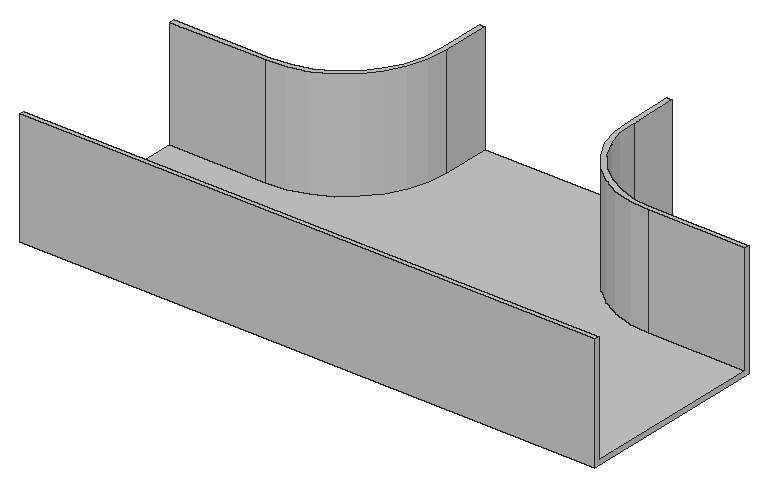
Revit family "S4R_OBO BETTERMANN_CableTray_Tee_RT FT", category Cable Tray Fittings, Revit 2012
Parameters
  Wholesaler art.no. = ""
  Wholesaler = ""
  Watermarked By = "www.stabiplan.com"
  WIDTH3 [instance] = 100 mm
  WIDTH1 [instance] = 100 mm
  VERSION = "91900"  # constant formula
  URL = "www.stabiplan.com"
  built-in parameter 1140111 [instance] = 2.6 mm
  TYPE [instance] = "RT FT"  # constant formula
  StabiCAD_PM = ""
  Smallest_L1_L2 [instance] = if(LENGTH1 - WIDTH3 / 2 > LENGTH2 - WIDTH3 / 2, LENGTH2 - WIDTH3 / 2, LENGTH1 - WIDTH3 / 2)  # 100 mm
  SmallestLength [instance] = if(LENGTH3 - WIDTH1 / 2 > Smallest_L1_L2, Smallest_L1_L2, LENGTH3 - WIDTH1 / 2)  # 75 mm
  RadiusWithThickness [instance] = Radius + [built-in parameter 1140111]  # 52.6 mm
  Radius [instance] = 50 mm  # constant formula
  PRODUCTLINE [instance] = "OBO BETTERMANN"  # constant formula
  Manufacturer = "OBO BETTERMANN CableTrays"  # constant formula
  LENGTH3 [instance] = if(and(WIDTH1 = 100 mm, HEIGHT1 = 60 mm, WIDTH3 = 100 mm, ANGLE2 = 90.00°), 125 mm, if(and(WIDTH1 = 150 mm, HEIGHT1 = 60 mm, WIDTH3 = 150 mm, ANGLE2 = 90.00°), 150 mm, if(and(WIDTH1 = 200 mm, HEIGHT1 = 60 mm, WIDTH3 = 200 mm, ANGLE2 = 90.00°), 175 mm, if(and(WIDTH1 = 300 mm, HEIGHT1 = 60 mm, WIDTH3 = 300 mm, ANGLE2 = 90.00°), 225 mm, if(and(WIDTH1 = 400 mm, HEIGHT1 = 60 mm, WIDTH3 = 400 mm, ANGLE2 = 90.00°), 455 mm, if(and(WIDTH1 = 500 mm, HEIGHT1 = 60 mm, WIDTH3 = 500 mm, ANGLE2 = 90.00°), 505 mm, if(and(WIDTH1 = 600 mm, HEIGHT1 = 60 mm, WIDTH3 = 600 mm, ANGLE2 = 90.00°), 555 mm, if(and(WIDTH1 = 100 mm, HEIGHT1 = 110 mm, WIDTH3 = 100 mm, ANGLE2 = 90.00°), 125 mm, if(and(WIDTH1 = 200 mm, HEIGHT1 = 110 mm, WIDTH3 = 200 mm, ANGLE2 = 90.00°), 175 mm, if(and(WIDTH1 = 300 mm, HEIGHT1 = 110 mm, WIDTH3 = 300 mm, ANGLE2 = 90.00°), 225 mm, if(and(WIDTH1 = 400 mm, HEIGHT1 = 110 mm, WIDTH3 = 400 mm, ANGLE2 = 90.00°), 455 mm, if(and(WIDTH1 = 500 mm, HEIGHT1 = 110 mm, WIDTH3 = 500 mm, ANGLE2 = 90.00°), 505 mm, if(and(WIDTH1 = 550 mm, HEIGHT1 = 110 mm, WIDTH3 = 550 mm, ANGLE2 = 90.00°), 530 mm, WIDTH3 * 1.5)))))))))))))  # 125 mm
  LENGTH2 [instance] = if(and(WIDTH1 = 100 mm, HEIGHT1 = 60 mm, WIDTH3 = 100 mm, ANGLE2 = 90.00°), 150 mm, if(and(WIDTH1 = 150 mm, HEIGHT1 = 60 mm, WIDTH3 = 150 mm, ANGLE2 = 90.00°), 175 mm, if(and(WIDTH1 = 200 mm, HEIGHT1 = 60 mm, WIDTH3 = 200 mm, ANGLE2 = 90.00°), 200 mm, if(and(WIDTH1 = 300 mm, HEIGHT1 = 60 mm, WIDTH3 = 300 mm, ANGLE2 = 90.00°), 250 mm, if(and(WIDTH1 = 400 mm, HEIGHT1 = 60 mm, WIDTH3 = 400 mm, ANGLE2 = 90.00°), 455 mm, if(and(WIDTH1 = 500 mm, HEIGHT1 = 60 mm, WIDTH3 = 500 mm, ANGLE2 = 90.00°), 505 mm, if(and(WIDTH1 = 600 mm, HEIGHT1 = 60 mm, WIDTH3 = 600 mm, ANGLE2 = 90.00°), 555 mm, if(and(WIDTH1 = 100 mm, HEIGHT1 = 110 mm, WIDTH3 = 100 mm, ANGLE2 = 90.00°), 150 mm, if(and(WIDTH1 = 200 mm, HEIGHT1 = 110 mm, WIDTH3 = 200 mm, ANGLE2 = 90.00°), 200 mm, if(and(WIDTH1 = 300 mm, HEIGHT1 = 110 mm, WIDTH3 = 300 mm, ANGLE2 = 90.00°), 250 mm, if(and(WIDTH1 = 400 mm, HEIGHT1 = 110 mm, WIDTH3 = 400 mm, ANGLE2 = 90.00°), 455 mm, if(and(WIDTH1 = 500 mm, HEIGHT1 = 110 mm, WIDTH3 = 500 mm, ANGLE2 = 90.00°), 505 mm, if(and(WIDTH1 = 550 mm, HEIGHT1 = 110 mm, WIDTH3 = 550 mm, ANGLE2 = 90.00°), 530 mm, WIDTH1 * 1.5)))))))))))))  # 150 mm
  LENGTH1 [instance] = if(and(WIDTH1 = 100 mm, HEIGHT1 = 60 mm, WIDTH3 = 100 mm, ANGLE2 = 90.00°), 150 mm, if(and(WIDTH1 = 150 mm, HEIGHT1 = 60 mm, WIDTH3 = 150 mm, ANGLE2 = 90.00°), 175 mm, if(and(WIDTH1 = 200 mm, HEIGHT1 = 60 mm, WIDTH3 = 200 mm, ANGLE2 = 90.00°), 200 mm, if(and(WIDTH1 = 300 mm, HEIGHT1 = 60 mm, WIDTH3 = 300 mm, ANGLE2 = 90.00°), 250 mm, if(and(WIDTH1 = 400 mm, HEIGHT1 = 60 mm, WIDTH3 = 400 mm, ANGLE2 = 90.00°), 455 mm, if(and(WIDTH1 = 500 mm, HEIGHT1 = 60 mm, WIDTH3 = 500 mm, ANGLE2 = 90.00°), 505 mm, if(and(WIDTH1 = 600 mm, HEIGHT1 = 60 mm, WIDTH3 = 600 mm, ANGLE2 = 90.00°), 555 mm, if(and(WIDTH1 = 100 mm, HEIGHT1 = 110 mm, WIDTH3 = 100 mm, ANGLE2 = 90.00°), 150 mm, if(and(WIDTH1 = 200 mm, HEIGHT1 = 110 mm, WIDTH3 = 200 mm, ANGLE2 = 90.00°), 200 mm, if(and(WIDTH1 = 300 mm, HEIGHT1 = 110 mm, WIDTH3 = 300 mm, ANGLE2 = 90.00°), 250 mm, if(and(WIDTH1 = 400 mm, HEIGHT1 = 110 mm, WIDTH3 = 400 mm, ANGLE2 = 90.00°), 455 mm, if(and(WIDTH1 = 500 mm, HEIGHT1 = 110 mm, WIDTH3 = 500 mm, ANGLE2 = 90.00°), 505 mm, if(and(WIDTH1 = 550 mm, HEIGHT1 = 110 mm, WIDTH3 = 550 mm, ANGLE2 = 90.00°), 530 mm, WIDTH1 * 1.5)))))))))))))  # 150 mm
  Internal art.no. = ""
  ISCUSTOM [instance] = if(and(WIDTH1 = 100 mm, HEIGHT1 = 60 mm, WIDTH3 = 100 mm, ANGLE2 = 90.00°), 1 = 0, if(and(WIDTH1 = 150 mm, HEIGHT1 = 60 mm, WIDTH3 = 150 mm, ANGLE2 = 90.00°), 1 = 0, if(and(WIDTH1 = 200 mm, HEIGHT1 = 60 mm, WIDTH3 = 200 mm, ANGLE2 = 90.00°), 1 = 0, if(and(WIDTH1 = 300 mm, HEIGHT1 = 60 mm, WIDTH3 = 300 mm, ANGLE2 = 90.00°), 1 = 0, if(and(WIDTH1 = 400 mm, HEIGHT1 = 60 mm, WIDTH3 = 400 mm, ANGLE2 = 90.00°), 1 = 0, if(and(WIDTH1 = 500 mm, HEIGHT1 = 60 mm, WIDTH3 = 500 mm, ANGLE2 = 90.00°), 1 = 0, if(and(WIDTH1 = 600 mm, HEIGHT1 = 60 mm, WIDTH3 = 600 mm, ANGLE2 = 90.00°), 1 = 0, if(and(WIDTH1 = 100 mm, HEIGHT1 = 110 mm, WIDTH3 = 100 mm, ANGLE2 = 90.00°), 1 = 0, if(and(WIDTH1 = 200 mm, HEIGHT1 = 110 mm, WIDTH3 = 200 mm, ANGLE2 = 90.00°), 1 = 0, if(and(WIDTH1 = 300 mm, HEIGHT1 = 110 mm, WIDTH3 = 300 mm, ANGLE2 = 90.00°), 1 = 0, if(and(WIDTH1 = 400 mm, HEIGHT1 = 110 mm, WIDTH3 = 400 mm, ANGLE2 = 90.00°), 1 = 0, if(and(WIDTH1 = 500 mm, HEIGHT1 = 110 mm, WIDTH3 = 500 mm, ANGLE2 = 90.00°), 1 = 0, if(and(WIDTH1 = 550 mm, HEIGHT1 = 110 mm, WIDTH3 = 550 mm, ANGLE2 = 90.00°), 1 = 0, 1 = 1)))))))))))))  # no
  IFCExportType = ""
  IFCExportAs = ""
  HEIGHT1 [instance] = 60 mm
  GTINNUMBER [instance] = if(and(WIDTH1 = 100 mm, HEIGHT1 = 60 mm, WIDTH3 = 100 mm, ANGLE2 = 90.00°), "4012196812356", if(and(WIDTH1 = 150 mm, HEIGHT1 = 60 mm, WIDTH3 = 150 mm, ANGLE2 = 90.00°), "4012196901692", if(and(WIDTH1 = 200 mm, HEIGHT1 = 60 mm, WIDTH3 = 200 mm, ANGLE2 = 90.00°), "4012196812417", if(and(WIDTH1 = 300 mm, HEIGHT1 = 60 mm, WIDTH3 = 300 mm, ANGLE2 = 90.00°), "4012196812479", if(and(WIDTH1 = 400 mm, HEIGHT1 = 60 mm, WIDTH3 = 400 mm, ANGLE2 = 90.00°), "4012196245055", if(and(WIDTH1 = 500 mm, HEIGHT1 = 60 mm, WIDTH3 = 500 mm, ANGLE2 = 90.00°), "4012196245116", if(and(WIDTH1 = 600 mm, HEIGHT1 = 60 mm, WIDTH3 = 600 mm, ANGLE2 = 90.00°), "4012196245178", if(and(WIDTH1 = 100 mm, HEIGHT1 = 110 mm, WIDTH3 = 100 mm, ANGLE2 = 90.00°), "4012196812714", if(and(WIDTH1 = 200 mm, HEIGHT1 = 110 mm, WIDTH3 = 200 mm, ANGLE2 = 90.00°), "4012196812776", if(and(WIDTH1 = 300 mm, HEIGHT1 = 110 mm, WIDTH3 = 300 mm, ANGLE2 = 90.00°), "4012196812837", if(and(WIDTH1 = 400 mm, HEIGHT1 = 110 mm, WIDTH3 = 400 mm, ANGLE2 = 90.00°), "4012196245772", if(and(WIDTH1 = 500 mm, HEIGHT1 = 110 mm, WIDTH3 = 500 mm, ANGLE2 = 90.00°), "4012196245833", if(and(WIDTH1 = 550 mm, HEIGHT1 = 110 mm, WIDTH3 = 550 mm, ANGLE2 = 90.00°), "4012196245895", "Unknown")))))))))))))  # "4012196812356"
  ETIM article class = ""
  Description = "Horizontal CableTray Tee"
  DEEPLINK = "http://catalog2.obo-bettermann.com/catalogue/catalogue.do?forward=showProductGroup&act=showIO&favOid=kts_6152&action=showManyProducts&lang=en&OID=kts_6152&catId="
  Copyright = "© Stabiplan BV / Stabiplan International BV"  # constant formula
  CT3 [instance] = 1
  CT2 [instance] = 1
  CT1 [instance] = 1
  BodyColor = Steel
  Assembly Code = ""
  ARTICLENUMBER [instance] = if(and(WIDTH1 = 100 mm, HEIGHT1 = 60 mm, WIDTH3 = 100 mm, ANGLE2 = 90.00°), "7117116", if(and(WIDTH1 = 150 mm, HEIGHT1 = 60 mm, WIDTH3 = 150 mm, ANGLE2 = 90.00°), "7117162", if(and(WIDTH1 = 200 mm, HEIGHT1 = 60 mm, WIDTH3 = 200 mm, ANGLE2 = 90.00°), "7117209", if(and(WIDTH1 = 300 mm, HEIGHT1 = 60 mm, WIDTH3 = 300 mm, ANGLE2 = 90.00°), "7117306", if(and(WIDTH1 = 400 mm, HEIGHT1 = 60 mm, WIDTH3 = 400 mm, ANGLE2 = 90.00°), "7117396", if(and(WIDTH1 = 500 mm, HEIGHT1 = 60 mm, WIDTH3 = 500 mm, ANGLE2 = 90.00°), "7117507", if(and(WIDTH1 = 600 mm, HEIGHT1 = 60 mm, WIDTH3 = 600 mm, ANGLE2 = 90.00°), "7117604", if(and(WIDTH1 = 100 mm, HEIGHT1 = 110 mm, WIDTH3 = 100 mm, ANGLE2 = 90.00°), "7119119", if(and(WIDTH1 = 200 mm, HEIGHT1 = 110 mm, WIDTH3 = 200 mm, ANGLE2 = 90.00°), "7119216", if(and(WIDTH1 = 300 mm, HEIGHT1 = 110 mm, WIDTH3 = 300 mm, ANGLE2 = 90.00°), "7119313", if(and(WIDTH1 = 400 mm, HEIGHT1 = 110 mm, WIDTH3 = 400 mm, ANGLE2 = 90.00°), "7119402", if(and(WIDTH1 = 500 mm, HEIGHT1 = 110 mm, WIDTH3 = 500 mm, ANGLE2 = 90.00°), "7119496", if(and(WIDTH1 = 550 mm, HEIGHT1 = 110 mm, WIDTH3 = 550 mm, ANGLE2 = 90.00°), "7119550", "Unknown")))))))))))))  # "7117116"
  ARTICLEDESCRIPTION [instance] = "Horizontal CableTray Tee"
  ANGLE2 [instance] = 90.00°  # constant formula
Reference planes
  plane 1 "Center (Front/Back)": y = 0
  plane 2: z = 0
  plane 3 "Center (Left/Right)": x = 0
  plane 4: y = 50
  plane 5: y = -50
  plane 6: z = 30
  plane 7: z = -30
  plane 8: x = -50
  plane 9: x = 50
  plane 10: x = -100
  plane 11: x = 100
  plane 12: y = -47.4
  plane 13: y = 47.4
  plane 14: x = -47.4
  plane 15: x = 47.4
  plane 16: x = -150
  plane 17: x = 150
  plane 18: z = -27.4
  plane 19: y = 100
  plane 20: y = 125
Forms (mm)
  Extrusion 1, solid, material "Steel" <- "BodyColor", detail levels fine
    sketch origin (0, 0, 0) x (1, 0, 0) y (0, 1, 0)
      loop
        line (-150, -47.4) -> (-150, -50) -> (150, -50) -> (150, -47.4) -> (-150, -47.4)
      loop
        line (-150, 47.4) -> (-100, 47.4)
        arc (-100, 47.4) -> (-62.806, 62.806) -> (-47.4, 100) r 52.6
        line (-47.4, 100) -> (-47.4, 125) -> (-50, 125) -> (-50, 100)
        arc (-50, 100) -> (-64.645, 64.645) -> (-100, 50) r 50
        line (-100, 50) -> (-150, 50) -> (-150, 47.4)
      loop
        line (150, 50) -> (100, 50)
        arc (100, 50) -> (64.645, 64.645) -> (50, 100) r 50
        line (50, 100) -> (50, 125) -> (47.4, 125) -> (47.4, 100)
        arc (47.4, 100) -> (62.806, 62.806) -> (100, 47.4) r 52.6
        line (100, 47.4) -> (150, 47.4) -> (150, 50)
    from -30 to 30
  Extrusion 2, solid, material "Steel" <- "BodyColor", detail levels fine
    sketch origin (0, 0, 0) x (1, 0, 0) y (0, 1, 0)
      loop
        line (-150, 50) -> (-150, -50) -> (150, -50) -> (150, 50) -> (100, 50)
        arc (100, 50) -> (64.645, 64.645) -> (50, 100) r 50
        line (50, 100) -> (50, 125) -> (-50, 125) -> (-50, 100)
        arc (-50, 100) -> (-64.645, 64.645) -> (-100, 50) r 50
        line (-100, 50) -> (-150, 50)
    from -30 to -27.4
  Extrusion 3, solid, material "Steel" <- "BodyColor", detail levels medium
    sketch origin (0, 0, 0) x (1, 0, 0) y (0, 1, 0)
      loop
        line (-150, 50) -> (-150, -50) -> (150, -50) -> (150, 50) -> (100, 50)
        arc (100, 50) -> (64.645, 64.645) -> (50, 100) r 50
        line (50, 100) -> (50, 125) -> (-50, 125) -> (-50, 100)
        arc (-50, 100) -> (-64.645, 64.645) -> (-100, 50) r 50
        line (-100, 50) -> (-150, 50)
    from -30 to 30
Cuts and joins
  joined: Extrusion 1, Extrusion 2
Lines and regions (mm)
  model lines, style "Coarse", detail levels coarse
    curve 1: line (-150, 0, 0) -> (150, 0, 0)
    curve 2: line (0, 0, 0) -> (0, 125, 0)
Dimensions and locks
  equal spacing: plane 4, plane 1 "Center (Front/Back)", plane 5
  "WIDTH1": plane 4 to plane 5
  equal spacing: plane 6, plane 2, plane 7
  "HEIGHT1": plane 6 to plane 7
  equal spacing: plane 8, plane 3 "Center (Left/Right)", plane 9
  "WIDTH3": plane 8 to plane 9
  "Radius": plane 9 to plane 11
  "built-in parameter 1140111": plane 12 to plane 5
  "built-in parameter 1140111": plane 4 to plane 13
  "built-in parameter 1140111": plane 8 to plane 14
  "built-in parameter 1140111": plane 15 to plane 9
  "built-in parameter 1140111": plane 18 to plane 7
  "LENGTH1": plane 16 to plane 3 "Center (Left/Right)"
  "LENGTH2": plane 3 "Center (Left/Right)" to plane 17
  "LENGTH3": plane 1 "Center (Front/Back)" to plane 20
  "Radius": plane 10 to plane 8
  "Radius": plane 19 to plane 4
  "Radius": radius of Extrusion 3 sketch curve  (x2)
  "Radius": radius of Extrusion 2 sketch curve  (x2)
  "Radius": radius of Extrusion 1 sketch curve  (x2)
  "RadiusWithThickness": radius of Extrusion 1 sketch curve  (x2)
  aligned and locked: Extrusion 1 sketch curve to plane 16
  aligned and locked: Extrusion 1 to plane 7
  aligned and locked: plane 6 to Extrusion 1
  aligned and locked: plane 5 to Extrusion 1 sketch curve
  aligned and locked: plane 12 to Extrusion 1 sketch curve
  aligned and locked: Extrusion 1 sketch curve to plane 17  (x2)
  aligned and locked: plane 16 to Extrusion 1 sketch curve
  aligned and locked: Extrusion 2 sketch curve to plane 16
  aligned and locked: plane 4 to Extrusion 2 sketch curve
  aligned and locked: plane 5 to Extrusion 2 sketch curve
  aligned and locked: plane 17 to Extrusion 2 sketch curve
  aligned and locked: Extrusion 2 to plane 7
  aligned and locked: plane 18 to Extrusion 2
  aligned and locked: plane 4 to Extrusion 3 sketch curve  (x2)
  aligned and locked: Extrusion 3 sketch curve to plane 16
  aligned and locked: plane 5 to Extrusion 3 sketch curve
  aligned and locked: Extrusion 3 sketch curve to plane 17
  aligned and locked: Extrusion 3 to plane 7
  aligned and locked: plane 6 to Extrusion 3
  aligned and locked: plane 17 to curve 1
  aligned and locked: plane 1 "Center (Front/Back)" to curve 1
  aligned and locked: plane 1 "Center (Front/Back)" to curve 2
  aligned and locked: curve 2 to plane 3 "Center (Left/Right)"
  aligned and locked: Extrusion 3 to curve 2
Automatic sketch dimensions
  curve 1 to plane 16 = 0 mm
  Extrusion 1 sketch curve to Extrusion 1 sketch curve = 0 mm  (x4)
  Extrusion 1 sketch curve to plane 10 = 0 mm
  Extrusion 1 sketch curve to plane 15 = 0 mm
  Extrusion 1 sketch curve to plane 13 = 0 mm  (x2)
  Extrusion 1 sketch curve to plane 20 = 0 mm  (x2)
  Extrusion 2 sketch curve to plane 4 = 0 mm
  Extrusion 2 sketch curve to plane 10 = 0 mm
  Extrusion 2 sketch curve to plane 9 = 0 mm
  Extrusion 2 sketch curve to plane 20 = 0 mm
  Extrusion 3 sketch curve to plane 10 = 0 mm
  Extrusion 3 sketch curve to plane 9 = 0 mm
  Extrusion 3 sketch curve to plane 20 = 0 mm
Connectors
  cabletrayconduit at (-150, 0, 0), driven by "HEIGHT1", driven by "WIDTH1"
    settings: on Extrusion 3, index 1, connector width 100 mm, connector height 60 mm, connector radius 304.8 mm, connector angle 0.00°, system type 32, placement type 0, profile type 1, connector reference index 2, is primary connector yes, connector utility param no, connector description ""
  cabletrayconduit at (150, 0, 0), driven by "HEIGHT1", driven by "WIDTH1"
    settings: on Extrusion 3, index 2, connector width 100 mm, connector height 60 mm, connector radius 304.8 mm, connector angle 0.00°, system type 32, placement type 0, profile type 1, connector reference index 1, is primary connector no, connector utility param no, connector description ""
  cabletrayconduit at (0, 125, 0), driven by "HEIGHT1", driven by "WIDTH3"
    settings: on Extrusion 3, index 3, connector width 100 mm, connector height 60 mm, connector radius 300 mm, connector angle 0.00°, system type 32, placement type 0, profile type 1, connector reference index -1, is primary connector no, connector utility param no, connector description ""
